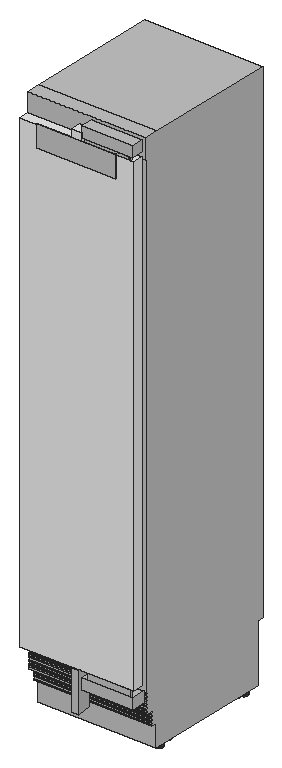
Revit family "FP-Revit18-RS1884FRJK1-Freezer-0-CA-US-90001048A", category Specialty Equipment, Revit 2020
Family settings
  Round Connector Dimension = Use Diameter
  Part Type = Normal
  OmniClass Number = 23.40.40.11.11
  OmniClass Title = Refrigerators and Freezers
  Work Plane-Based = No
  Always vertical = Yes
  Cut with Voids When Loaded = Yes
  Shared = No
  Room Calculation Point = No
Parameters (values of type "RS1884FRJE1")
  Visibility - Water Connection = yes
  Visibility - Visibility Control Note = yes
  Visibility - Clearance Required = yes
  URL = "www.fisherpaykel.com"
  Stainless Steel Door Panels (RD1884R4D) = no
  Product - Width = 451 mm  # constant formula
  Product - Height = 2134 mm  # constant formula
  Product - Depth (exl front panel) = 610 mm  # constant formula
  Model = "RS1884FRJE1"
  Material - Handle = Fisher & Paykel - Aluminium
  Material - Door Structure = Fisher & Paykel - White
  Material - Door Front = Fisher & Paykel - Stainless Steel
  Material - Body = Fisher & Paykel - Grey
  Manufacturer = "Fisher & Paykel Appliances"
  Handle Style - Professional Square (AHV2-RD84) = no
  Handle Style - Professional Round (AHC-RD84) = no
  Handle Style - Contemporary Square (AHD3-RD84) = no
  Handle Style - Contemporary Round (AHS-RD84) = no
  Description = "18\" Integrated Column Freezer with internal ice maker, white interior"
  Default Elevation = 0 mm
  Connector Description - Water = "1/4\" (6mm) comp. stainless steel braided hose"
  Connector Description - Electrical = "120 V, 10 amp fused electrical supply"
  Cavity - Width = 457 mm  # constant formula
  Cavity - Height = 2134 mm  # constant formula
  Cavity - Depth = 635 mm  # constant formula
Types (3, lengths in mm): name | Model | Description
  (no name) | "RS1884FRJE1" | "18\" Integrated Column Freezer with internal ice maker, white interior"
  RS1884FRJE1 | "RS1884FRJE1" | "18\" Integrated Column Freezer with internal ice maker, white interior"
  RS1884FRJK1 | "RS1884FRJK1" | "18\" Integrated Column Freezer with internal ice maker, stainless steel interior"
Reference planes
  plane 1 "Datum": y = 0
  plane 2: z = 0
  plane 3 "Center (Left/Right)": x = 0
  plane 4 "Product LHS": x = -225.5
  plane 5 "Product RHS": x = 225.5
  plane 6 "Product - Depth": y = 610
  plane 7 "Cavity LHS": x = -228.5
  plane 8 "Cavity RHS": x = 228.5
  plane 9 "Cavity - Depth": y = 612.9
  plane 10 "Handle Offset": x = -162.5
  plane 11 "Product Height": z = 2134
  plane 12 "Cavity Height": z = 2134
  plane 13 "Door Panel Datum": y = -4.1
Forms (mm)
  Extrusion 1, solid, material "Fisher & Paykel - Grey" <- "Material - Body", detail levels fine
    sketch origin (0, 0, 0) x (0, 1, 0) y (0, 0, 1)
      loop
        line (100.1, 19.1) -> (587.9, 19.1) -> (587.9, 239.7) -> (610, 239.7) -> (610, 2131.9) -> (105.1, 2131.9) -> (105.1, 2134) -> (49.9, 2134) -> (49.9, 2059) -> (56, 2059) -> (56, 228.6) -> (59.5, 228.6) -> (59.5, 219.7) -> (56.5, 219.7) -> (56.5, 215.9) -> (59.5, 215.9) -> (59.5, 207) -> (56.5, 207) -> (56.5, 203.2) -> (59.5, 203.2) -> (59.5, 194.3) -> (56.5, 194.3) -> (56.5, 190.5) -> (59.5, 190.5) -> (59.5, 181.6) -> (56.5, 181.6) -> (56.5, 177.8) -> (59.5, 177.8) -> (59.5, 168.9) -> (56.5, 168.9) -> (56.5, 165.1) -> (59.5, 165.1) -> (59.5, 156.2) -> (56.5, 156.2) -> (56.5, 152.4) -> (84.1, 152.4) -> (84.1, 143.5) -> (81.1, 143.5) -> (81.1, 139.7) -> (84.1, 139.7) -> (84.1, 130.8) -> (81.1, 130.8) -> (81.1, 127) -> (84.1, 127) -> (84.1, 118.1) -> (81.1, 118.1) -> (81.1, 114.3) -> (84.1, 114.3) -> (84.1, 105.4) -> (81.1, 105.4) -> (81.1, 101.6) -> (100.1, 101.6) -> (100.1, 19.1)
    from -225.5 to 225.5
  Extrusion 2, solid, material "Fisher & Paykel - Black"
    sketch origin (0, 0, 0) x (1, 0, 0) y (0, 1, 0)
      loop
        circle (-205, 547.8) r 4.1
      loop
        circle (-205, 141.8) r 4.1
      loop
        circle (205, 547.8) r 4.1
      loop
        circle (205, 141.8) r 4.1
    from 3 to 19.5
  Extrusion 3, solid, material "Fisher & Paykel - Black"
    sketch origin (0, 0, 0) x (1, 0, 0) y (0, 1, 0)
      loop
        circle (-205, 547.8) r 14.5
      loop
        circle (-205, 141.8) r 14.555
      loop
        circle (205, 547.8) r 14.5
      loop
        circle (205, 141.8) r 14.555
    from 0 to 3
  Extrusion 4, solid, material "Fisher & Paykel - Grey" <- "Material - Body", detail levels fine
    sketch origin (0, 0, 0) x (1, 0, 0) y (0, 1, 0)
      loop
        line (-7.5, 49) -> (-13.797, -4.1) -> (13.797, -4.1) -> (7.5, 49) -> (-7.5, 49)
    from 104.2 to 254.2
  Extrusion 5, solid, material "Fisher & Paykel - Grey" <- "Material - Body", detail levels fine
    sketch origin (0, 0, 0) x (1, 0, 0) y (0, 0, 1)
      loop
        line (213.9, 2123.15) -> (18.92, 2123.15) -> (18.92, 2081.05) -> (213.9, 2081.05) -> (213.9, 2123.15)
    from -49 to -2.5
  Extrusion 6, solid, material "Fisher & Paykel - Grey" <- "Material - Body", detail levels fine
    sketch origin (0, 0, 0) x (1, 0, 0) y (0, 0, 1)
      loop
        line (41.9, 254.2) -> (41.9, 229.75) -> (206.9, 229.75) -> (206.9, 254.2) -> (41.9, 254.2)
      loop
        line (29.5, 2081.05) -> (29.5, 2068.6) -> (206.9, 2068.6) -> (206.9, 2076.05) -> (166.9, 2081.05) -> (29.5, 2081.05)
    from -7 to -4
  Extrusion 7, solid, material "Fisher & Paykel - Grey" <- "Material - Body", detail levels fine
    sketch origin (0, 0, 0) x (0, 1, 0) y (0, 0, 1)
      loop
        line (0, 2070.6) -> (0, 1988.6) -> (2, 1988.6) -> (2, 2068.6) -> (4, 2068.6) -> (4, 2070.6) -> (0, 2070.6)
    from -150 to 150
  Extrusion 8, solid, material "Fisher & Paykel - Black"
    sketch origin (0, 0, 0) x (1, 0, 0) y (0, 0, 1)
      loop
        circle (150.5, 119.813) r 5
      loop
        circle (-150.5, 119.813) r 5
    from -590 to -587.9
  Extrusion 9, solid, material "Fisher & Paykel - White" <- "Material - Door Structure"
    sketch origin (0, 0, 0) x (1, 0, 0) y (0, 1, 0)
      loop
        line (-200.5, 56) -> (-200.5, 42) -> (200.5, 42) -> (200.5, 56) -> (-200.5, 56)
    from 269.6 to 2030.7
  Extrusion 10, solid, material "Fisher & Paykel - White" <- "Material - Door Structure"
    sketch origin (0, 0, 0) x (1, 0, 0) y (0, 1, 0)
      loop
        line (-216.9, 42) -> (-216.9, 3) -> (216.9, 3) -> (216.9, 42) -> (-216.9, 42)
    from 254.2 to 2068.6
  Extrusion 11, solid, material "Fisher & Paykel - White" <- "Material - Door Structure", detail levels fine
    sketch origin (0, 0, 0) x (1, 0, 0) y (0, 0, 1)
      loop
        line (-18.92, 2100.1) -> (-18.92, 2068.6) -> (18.92, 2068.6) -> (18.92, 2100.1) -> (-18.92, 2100.1)
    from -42 to -3
  Extrusion 12, solid, material "Fisher & Paykel - Stainless Steel" <- "Material - Door Front", visible <- "Stainless Steel Door Panels (RD1884R4D)"
    sketch origin (0, 0, 0) x (0, 1, 0) y (0, 0, 1)
      loop
        line (-22.1, 2130.8) -> (-22.1, 102) -> (-4.1, 102) -> (-4.1, 2130.8) -> (-22.1, 2130.8)
    from -225.5 to 225.5
  Extrusion 13, solid, material "Fisher & Paykel - Grey" <- "Material - Body", detail levels coarse+medium
    sketch origin (0, 0, 0) x (0, 1, 0) y (0, 0, 1)
      loop
        line (49.9, 2134) -> (49.9, 2059) -> (56, 2059) -> (56, 152.4) -> (81.1, 152.4) -> (81.1, 101.6) -> (100.1, 101.6) -> (100.1, 19.1) -> (587.9, 19.1) -> (587.9, 239.7) -> (610, 239.7) -> (610, 2134) -> (49.9, 2134)
    from -225.5 to 225.5
  Extrusion 14, solid, material "Fisher & Paykel - Grey" <- "Material - Body", detail levels fine
    sketch origin (0, 0, 0) x (1, 0, 0) y (0, 0, 1)
      loop
        line (213.9, 187.65) -> (213.9, 229.75) -> (18.92, 229.75) -> (18.92, 187.65) -> (213.9, 187.65)
    from -56 to -2.5
  Extrusion 15, solid, material "Fisher & Paykel - Black", detail levels fine
    sketch origin (0, 0, -4) x (0, 1, 0) y (0, 0, 1)
      loop
        arc (163.888, 23.1) -> (180.4, 13.63) -> (196.912, 23.1) r 19.13
        line (196.912, 23.1) -> (163.888, 23.1)
      loop
        arc (493.888, 23.1) -> (510.4, 13.63) -> (526.912, 23.1) r 19.13
        line (526.912, 23.1) -> (493.888, 23.1)
    from 191 to 219
  Extrusion 16, solid, material "Fisher & Paykel - Black", detail levels fine
    sketch origin (0, 0, -4) x (0, 1, 0) y (0, 0, -1)
      loop
        line (163.888, -23.1) -> (196.912, -23.1)
        arc (196.912, -23.1) -> (180.4, -13.63) -> (163.888, -23.1) r 19.13
      loop
        line (493.888, -23.1) -> (526.912, -23.1)
        arc (526.912, -23.1) -> (510.4, -13.63) -> (493.888, -23.1) r 19.13
    from 191 to 219
  Extrusion 17, solid, material "Fisher & Paykel - Clearance Required", visible <- "Visibility - Clearance Required", detail levels coarse
    sketch origin (0, 0, 0) x (1, 0, 0) y (0, 1, 0)
      loop
        line (-228.5, 612.9) -> (-228.5, -4.1) -> (228.5, -4.1) -> (228.5, 612.9) -> (-228.5, 612.9)
    from 0 to 2134
  Extrusion 18, void
    sketch origin (0, 0, 0) x (1, 0, 0) y (0, 1, 0)
      loop
        line (-228.5, 612.9) -> (-228.5, -22.1) -> (228.5, -22.1) -> (228.5, 612.9) -> (-228.5, 612.9)
    from 0 to 2134
  Extrusion 19, solid, material "Fisher & Paykel - Clearance Required", visible <- "Visibility - Clearance Required", detail levels coarse
    sketch origin (0, 0, 0) x (1, 0, 0) y (0, 1, 0)
      loop
        line (225.5, -22.1) -> (-225.5, -22.1)
        arc (-225.5, -22.1) -> (-5.304, -426.707) -> (453.319, -469.813) r 490
        line (453.319, -469.813) -> (431.257, -422.501) -> (458.764, -409.674)
        arc (458.764, -409.674) -> (467.405, -384.437) -> (441.854, -376.772) r 18.51
        line (441.854, -376.772) -> (415.635, -388.999) -> (262.718, -61.068)
        arc (262.718, -61.068) -> (228.203, -56.776) -> (225.5, -22.1) r 27.5
    from 0 to 2134
Lines and regions (mm)
  model lines, style "Fisher & Paykel"
    curve 1: line (-225.5, -4.1, 2130.8) -> (225.5, -4.1, 2130.8)
    curve 2: line (-225.5, -4.1, 102) -> (-225.5, -4.1, 2130.8)
    curve 3: line (225.5, -4.1, 102) -> (-225.5, -4.1, 102)
    curve 4: line (225.5, -4.1, 2130.8) -> (225.5, -4.1, 102)
Text (mm)
  text "Due to ongoing product development, product details are subject to change without notice. \nPlease always refer to www.fisherpaykel.com for the most current product information. \n© Fisher & Paykel 2020" at (41.04, -588.295, 0), in view "Ref. Level (Plan)"
Dimensions and locks
  equal spacing: plane 4 "Product LHS", plane 3 "Center (Left/Right)", plane 5 "Product RHS"
  "Product - Width": plane 4 "Product LHS" to plane 5 "Product RHS"
  "Product - Depth (exl front panel)": plane 1 "Datum" to plane 6 "Product - Depth"
  equal spacing: plane 7 "Cavity LHS", plane 3 "Center (Left/Right)", plane 8 "Cavity RHS"
  "Cavity - Width": plane 7 "Cavity LHS" to plane 8 "Cavity RHS"
  plane 4 "Product LHS" to Extrusion 2 sketch curve = 24.6 mm
  Extrusion 8 sketch curve to Extrusion 1 = 119.887 mm  (x2)
  Extrusion 8 sketch curve to plane 5 "Product RHS" = 75 mm
  plane 4 "Product LHS" to Extrusion 8 sketch curve = 75 mm
  Extrusion 1 sketch curve to Extrusion 1 sketch curve = 82.5 mm
  Extrusion 1 sketch curve to Extrusion 1 sketch curve = 209.5 mm
  Extrusion 1 sketch curve to Extrusion 1 sketch curve = 220.6 mm
  Extrusion 3 to level = 3 mm
  Extrusion 13 to Extrusion 10 = 235.1 mm
  Extrusion 13 to Extrusion 9 = 250.5 mm
  Extrusion 13 to Extrusion 13 = 2114.9 mm
  "Product - Height": level to plane 11 "Product Height"
  plane 11 "Product Height" to Extrusion 12 = 3.2 mm
  Extrusion 10 to plane 11 "Product Height" = 65.4 mm
  Extrusion 9 to plane 11 "Product Height" = 103.3 mm
  Extrusion 13 sketch curve to plane 11 "Product Height" = 75 mm
  Extrusion 1 sketch curve to plane 11 "Product Height" = 2.1 mm
  Extrusion 1 sketch curve to plane 11 "Product Height" = 75 mm
  "Cavity - Height": plane 12 "Cavity Height" to level
  plane 1 "Datum" to Extrusion 17 = 612.9 mm
  plane 1 "Datum" to Extrusion 18 = 612.9 mm
  plane 4 "Product LHS" to plane 10 "Handle Offset" = 63 mm
  Extrusion 12 to Extrusion 6 sketch curve = 58.6 mm
  Extrusion 6 sketch curve to Extrusion 12 = 18.6 mm
  Extrusion 12 to Extrusion 6 sketch curve = 196 mm
  Extrusion 19 to plane 1 "Datum" = 22.1 mm
  "Cavity - Depth": plane 9 "Cavity - Depth" to Extrusion 19
  radius of Extrusion 8 sketch curve = 5 mm
  aligned and locked: level to plane 2
  aligned and locked: Extrusion 12 to plane 5 "Product RHS"
  aligned and locked: plane 4 "Product LHS" to Extrusion 12
  aligned and locked: Extrusion 13 to plane 5 "Product RHS"
  aligned and locked: Extrusion 13 to plane 4 "Product LHS"
  aligned and locked: Extrusion 13 sketch curve to plane 11 "Product Height"
  aligned and locked: plane 11 "Product Height" to Extrusion 1 sketch curve
  aligned and locked: Extrusion 15 sketch curve to Extrusion 15 sketch curve
  aligned and locked: Extrusion 16 sketch curve to Extrusion 16 sketch curve
  aligned and locked: Extrusion 1 to plane 5 "Product RHS"
  aligned and locked: plane 4 "Product LHS" to Extrusion 1
  aligned and locked: Extrusion 13 sketch curve to Extrusion 1  (x4)
  aligned and locked: nested 5 to plane 10 "Handle Offset"
  aligned and locked: nested 4 to plane 10 "Handle Offset"
  aligned and locked: nested 3 to plane 10 "Handle Offset"
  aligned and locked: nested 2 to plane 10 "Handle Offset"
Automatic sketch dimensions
  Extrusion 1 sketch curve to plane 6 "Product - Depth" = 0 mm
  Extrusion 1 sketch curve to Extrusion 1 sketch curve = 22.1 mm
  Extrusion 1 sketch curve to plane 1 "Datum" = 105.1 mm
  level to Extrusion 1 sketch curve = 19.1 mm
  Extrusion 1 sketch curve to plane 1 "Datum" = 100.1 mm
  Extrusion 1 sketch curve to Extrusion 1 sketch curve = 16 mm
  Extrusion 1 sketch curve to Extrusion 1 sketch curve = 0 mm  (x8)
  Extrusion 1 sketch curve to Extrusion 1 sketch curve = 3 mm  (x10)
  Extrusion 1 sketch curve to plane 1 "Datum" = 59.5 mm
  Extrusion 1 sketch curve to plane 1 "Datum" = 56 mm
  Extrusion 1 sketch curve to plane 1 "Datum" = 49.9 mm
  Extrusion 1 sketch curve to Extrusion 1 sketch curve = 3.8 mm  (x10)
  Extrusion 1 sketch curve to Extrusion 1 sketch curve = 8.9 mm  (x9)
  Extrusion 2 sketch curve to plane 4 "Product LHS" = 20.5 mm  (x2)
  plane 5 "Product RHS" to Extrusion 2 sketch curve = 20.5 mm  (x2)
  Extrusion 2 sketch curve to plane 1 "Datum" = 141.8 mm  (x2)
  Extrusion 2 sketch curve to plane 6 "Product - Depth" = 62.2 mm  (x2)
  Extrusion 3 sketch curve to plane 4 "Product LHS" = 20.5 mm  (x2)
  plane 5 "Product RHS" to Extrusion 3 sketch curve = 20.5 mm  (x2)
  Extrusion 3 sketch curve to plane 1 "Datum" = 141.8 mm  (x2)
  Extrusion 3 sketch curve to plane 6 "Product - Depth" = 62.2 mm  (x2)
  plane 1 "Datum" to Extrusion 4 sketch curve = 4.1 mm
  Extrusion 4 sketch curve to plane 3 "Center (Left/Right)" = 13.797 mm
  Extrusion 4 sketch curve to plane 3 "Center (Left/Right)" = 7.5 mm
  plane 3 "Center (Left/Right)" to Extrusion 4 sketch curve = 7.5 mm
  plane 3 "Center (Left/Right)" to Extrusion 4 sketch curve = 13.797 mm
  Extrusion 4 sketch curve to plane 1 "Datum" = 49 mm
  plane 3 "Center (Left/Right)" to Extrusion 5 sketch curve = 18.92 mm
  plane 5 "Product RHS" to Extrusion 5 sketch curve = 11.6 mm
  plane 11 "Product Height" to Extrusion 5 sketch curve = 52.95 mm
  plane 11 "Product Height" to Extrusion 5 sketch curve = 10.85 mm
  plane 3 "Center (Left/Right)" to Extrusion 6 sketch curve = 41.9 mm
  plane 5 "Product RHS" to Extrusion 6 sketch curve = 18.6 mm
  level to Extrusion 6 sketch curve = 229.75 mm
  Extrusion 6 sketch curve to Extrusion 6 sketch curve = 24.45 mm
  plane 11 "Product Height" to Extrusion 6 sketch curve = 65.4 mm
  Extrusion 6 sketch curve to Extrusion 6 sketch curve = 7.45 mm
  Extrusion 6 sketch curve to Extrusion 6 sketch curve = 5 mm
  Extrusion 7 sketch curve to plane 1 "Datum" = 0 mm
  Extrusion 7 sketch curve to plane 1 "Datum" = 2 mm
  Extrusion 7 sketch curve to Extrusion 7 sketch curve = 2 mm  (x2)
  plane 11 "Product Height" to Extrusion 7 sketch curve = 145.4 mm
  plane 11 "Product Height" to Extrusion 7 sketch curve = 65.4 mm
  Extrusion 9 sketch curve to plane 4 "Product LHS" = 25 mm
  plane 5 "Product RHS" to Extrusion 9 sketch curve = 25 mm
  Extrusion 9 sketch curve to plane 1 "Datum" = 42 mm
  Extrusion 9 sketch curve to Extrusion 9 sketch curve = 14 mm
  Extrusion 10 sketch curve to plane 1 "Datum" = 3 mm
  Extrusion 10 sketch curve to plane 4 "Product LHS" = 8.6 mm
  plane 5 "Product RHS" to Extrusion 10 sketch curve = 8.6 mm
  Extrusion 10 sketch curve to Extrusion 10 sketch curve = 39 mm
  Extrusion 11 sketch curve to plane 3 "Center (Left/Right)" = 18.92 mm
  plane 3 "Center (Left/Right)" to Extrusion 11 sketch curve = 18.92 mm
  plane 11 "Product Height" to Extrusion 11 sketch curve = 65.4 mm
  Extrusion 11 sketch curve to Extrusion 11 sketch curve = 31.5 mm
  plane 1 "Datum" to Extrusion 12 sketch curve = 22.1 mm
  plane 1 "Datum" to Extrusion 12 sketch curve = 4.1 mm
  level to Extrusion 12 sketch curve = 102 mm
  plane 11 "Product Height" to Extrusion 12 sketch curve = 3.2 mm
  Extrusion 13 sketch curve to plane 6 "Product - Depth" = 0 mm
  Extrusion 13 sketch curve to plane 6 "Product - Depth" = 22.1 mm
  Extrusion 13 sketch curve to plane 1 "Datum" = 100.1 mm
  Extrusion 13 sketch curve to Extrusion 13 sketch curve = 19 mm
  Extrusion 13 sketch curve to plane 1 "Datum" = 56 mm
  Extrusion 13 sketch curve to plane 1 "Datum" = 49.9 mm
  plane 3 "Center (Left/Right)" to Extrusion 14 sketch curve = 18.92 mm
  plane 5 "Product RHS" to Extrusion 14 sketch curve = 11.6 mm
  level to Extrusion 14 sketch curve = 187.65 mm
  Extrusion 14 sketch curve to Extrusion 14 sketch curve = 42.1 mm
  level to Extrusion 15 sketch curve = 19.1 mm
  Extrusion 15 sketch curve to plane 1 "Datum" = 163.888 mm
  Extrusion 15 sketch curve to Extrusion 15 sketch curve = 16.512 mm  (x2)
  Extrusion 15 sketch curve to plane 6 "Product - Depth" = 116.112 mm
  Extrusion 15 sketch curve to Extrusion 15 sketch curve = 9.66 mm  (x2)
  level to Extrusion 16 sketch curve = 19.1 mm
  Extrusion 16 sketch curve to plane 1 "Datum" = 163.888 mm
  Extrusion 16 sketch curve to Extrusion 16 sketch curve = 16.512 mm  (x2)
  Extrusion 16 sketch curve to plane 6 "Product - Depth" = 116.112 mm
  Extrusion 16 sketch curve to Extrusion 16 sketch curve = 9.66 mm  (x2)
  Extrusion 17 sketch curve to plane 7 "Cavity LHS" = 0 mm
  Extrusion 17 sketch curve to plane 8 "Cavity RHS" = 0 mm
  Extrusion 17 sketch curve to plane 9 "Cavity - Depth" = 0 mm
  plane 1 "Datum" to Extrusion 17 sketch curve = 4.1 mm
  Extrusion 18 sketch curve to plane 7 "Cavity LHS" = 0 mm
  Extrusion 18 sketch curve to plane 8 "Cavity RHS" = 0 mm
  plane 9 "Cavity - Depth" to Extrusion 18 sketch curve = 0 mm
  plane 1 "Datum" to Extrusion 18 sketch curve = 22.1 mm
  Extrusion 19 sketch curve to plane 4 "Product LHS" = 0 mm
  plane 5 "Product RHS" to Extrusion 19 sketch curve = 0 mm
  Extrusion 19 sketch curve to plane 8 "Cavity RHS" = 19.59 mm
  Extrusion 19 sketch curve to Extrusion 19 sketch curve = 14.629 mm
  plane 1 "Datum" to Extrusion 19 sketch curve = 17.663 mm
  Extrusion 19 sketch curve to Extrusion 19 sketch curve = 16.39 mm
  Extrusion 19 sketch curve to plane 8 "Cavity RHS" = 187.135 mm
  Extrusion 19 sketch curve to Extrusion 19 sketch curve = 15.622 mm
  Extrusion 19 sketch curve to Extrusion 19 sketch curve = 26.219 mm
  Extrusion 19 sketch curve to Extrusion 19 sketch curve = 9.088 mm
  Extrusion 19 sketch curve to Extrusion 19 sketch curve = 22.062 mm
  Extrusion 19 sketch curve to Extrusion 19 sketch curve = 7.823 mm
  plane 1 "Datum" to Extrusion 19 sketch curve = 22.1 mm
  Extrusion 19 sketch curve to Extrusion 19 sketch curve = 20.12 mm
  Extrusion 19 sketch curve to Extrusion 19 sketch curve = 93.041 mm
  Extrusion 19 sketch curve to Extrusion 19 sketch curve = 16.126 mm
  plane 5 "Product RHS" to curve 1 = 0 mm
  plane 4 "Product LHS" to curve 3 = 0 mm
  level to curve 3 = 102 mm
  plane 11 "Product Height" to curve 2 = 3.2 mm
  radius of Extrusion 2 sketch curve = 4.1 mm  (x3)
  radius of Extrusion 3 sketch curve = 14.5 mm  (x2)
  radius of Extrusion 3 sketch curve = 14.555 mm  (x2)
  radius of Extrusion 8 sketch curve = 5 mm
Nested families
  nested 1: "Visibility Control Note 18" at (0, 0, 0), visible <- "Visibility - Visibility Control Note", type "Visibility Control Note 18"
  nested 2: "Handle Contemporary Round - Vertical" at (-162.5, -22.1, 1242.58), visible <- "Handle Style - Contemporary Round (AHS-RD84)", type "AHS-RD84 - Contemporary round handle (Vertical) 852mm"
  nested 3: "Handle Professional Round - Vertical" at (-162.5, -22.1, 1242.58), visible <- "Handle Style - Professional Round (AHC-RD84)", type "AHC-RD84 - Professional round handle (Vertical) 786mm"
  nested 4: "Handle Professional Square - Vertical" at (-162.5, -22.1, 1242.58), visible <- "Handle Style - Professional Square (AHV2-RD84)", type "AHV2-RD84 - Professional square handle (Vertical) 792mm"
  nested 5: "Handle Contemporary Square - Vertical" at (-162.5, -22.1, 1242.58), visible <- "Handle Style - Contemporary Square (AHD3-RD84)", type "AHD3-RD84 - Contemporary square handle (Vertical) 852mm"
Connectors
  electrical at (-150.5, 590, 119.813), driven by "Connector Description - Electrical"
    settings: on Extrusion 8, index 1, voltage 120 V, apparent load 0 VA, apparent load phase1 0 VA, apparent load phase2 0 VA, apparent load phase3 0 VA, power factor 1, load classification "Other", number of poles 1, system type 30, power factor state 1, is connector primary yes, connector utility no, sub classification motor no, connector description "120 V, 10 amp fused electrical supply"
  piping at (150.5, 590, 119.813), diameter 12.7, driven by "Connector Description - Water", driven by "Visibility - Water Connection"
    settings: on Extrusion 8, index 2, connector inside diameter 609.6 mm, connector length 0 mm, flow factor 0, pipe flow 0.0 L/s, pressure drop 0.0 Pa, fitting loss kfactor 0, connector angle 0.00°, fixture units 0, engagement length 0 mm, angle of deflection 0.00°, flow configuration 0, flow direction 1, fitting loss method 0, system type 20, joint type 0, gender type 0, connector reference index -1, connector utility 1, adjustable connector no, is connector primary yes, connector description "1/4\" (6mm) comp. stainless steel braided hose"
Definition of nested family "Handle Contemporary Round - Vertical"
  Parameters (values of type "AHSRS80A - Contemporary round handle (1 of 2) (Vertical) 727mm")
    URL = "www.fisherpaykel.com"
    Material - Handle = none
    Manufacturer = "Fisher & Paykel Appliances"
    Handle - Length = 727 mm
    Default Elevation = 0 mm
  Types (6, lengths in mm): name | Handle - Length
    AHS-RD21 - Contemporary round handle (Vertical) 852mm | 852
    AHSRD2484W - Contemporary round handle (1 of 2) (Vertical) 727mm | 727
    AHSRD3084W - Contemporary round handle (1 of 2) (Vertical) 727mm | 727
    AHS-RD84 - Contemporary round handle (Vertical) 852mm | 852
    AHSRS3272A - Contemporary round handle (1 of 2) (Vertical) 727mm | 727
    AHSRS80A - Contemporary round handle (1 of 2) (Vertical) 727mm | 727
  Reference planes
    plane 1 "Center (Front/Back)": y = 0
    plane 2: z = 0
    plane 3 "Center (Left/Right)": x = 0
    plane 4 "Top": z = 363.5
    plane 5 "Bottom": z = -363.5
    plane 6 "Top Standoff": z = 243.5
    plane 7 "Bottom Standoff": z = -243.5
  Forms (mm)
    Extrusion 1, solid, material <- "Material - Handle"
      sketch origin (0, 0, 0) x (1, 0, 0) y (0, 1, 0)
        loop
          circle (0, -32.3) r 8.7
      from -243.5 to 243.5
    Extrusion 2, solid, material <- "Material - Handle", detail levels fine
      sketch origin (0, 0, 0) x (1, 0, 0) y (0, 1, 0)
        loop
          line (-8.7, 0) -> (-8.7, -32.3)
          arc (-8.7, -32.3) -> (0, -41) -> (8.7, -32.3) r 8.7
          line (8.7, -32.3) -> (8.7, 0) -> (-8.7, 0)
      from 243.5 to 363.5
    Extrusion 3, solid, material <- "Material - Handle", detail levels fine
      sketch origin (0, 0, 0) x (1, 0, 0) y (0, 1, 0)
        loop
          line (-8.7, 0) -> (-8.7, -32.3)
          arc (-8.7, -32.3) -> (0, -41) -> (8.7, -32.3) r 8.7
          line (8.7, -32.3) -> (8.7, 0) -> (-8.7, 0)
      from -363.5 to -243.5
    Sweep 4, void
      path in 3D
        loop
          line (8.7, 0, -363.5) -> (8.7, -32.3, -363.5)
          arc (8.7, -32.3, -363.5) -> (0, -41, -363.5) -> (-8.7, -32.3, -363.5) r 8.7
          line (-8.7, -32.3, -363.5) -> (-8.7, 0, -363.5)
      profile origin (8.7, -16.15, -363.5) x (-1, 0, 0) y (0, 0, -1)
        loop
          line (0, 0) -> (0, -1) -> (1, 0) -> (0, 0)
    Sweep 5, void
      path in 3D
        loop
          line (-8.7, 0, 363.5) -> (-8.7, -32.3, 363.5)
          arc (-8.7, -32.3, 363.5) -> (0, -41, 363.5) -> (8.7, -32.3, 363.5) r 8.7
          line (8.7, -32.3, 363.5) -> (8.7, 0, 363.5)
      profile origin (8.7, -16.15, 363.5) x (-1, 0, 0) y (0, 0, 1)
        loop
          line (0, 0) -> (0, -1) -> (1, 0) -> (0, 0)
    Extrusion 6, solid, material <- "Material - Handle", detail levels coarse+medium
      sketch origin (0, 0, 0) x (1, 0, 0) y (0, 1, 0)
        loop
          line (-8.7, 0) -> (-8.7, -32.3)
          arc (-8.7, -32.3) -> (0, -41) -> (8.7, -32.3) r 8.7
          line (8.7, -32.3) -> (8.7, 0) -> (-8.7, 0)
      from 243.5 to 363.5
    Extrusion 7, solid, material <- "Material - Handle", detail levels coarse+medium
      sketch origin (0, 0, 0) x (1, 0, 0) y (0, 1, 0)
        loop
          line (-8.7, 0) -> (-8.7, -32.3)
          arc (-8.7, -32.3) -> (0, -41) -> (8.7, -32.3) r 8.7
          line (8.7, -32.3) -> (8.7, 0) -> (-8.7, 0)
      from -363.5 to -243.5
  Cuts and joins
    Sweep 4 cuts Extrusion 3
    Sweep 5 cuts Extrusion 2
  Lines and regions (mm)
    sketch lines
      curve 1: line (8.7, 0, -363.5) -> (8.7, -32.3, -363.5)
      curve 2: arc (-8.7, -32.3, -363.5) -> (0, -41, -363.5) -> (8.7, -32.3, -363.5) r 8.7
      curve 3: line (-8.7, -32.3, -363.5) -> (-8.7, 0, -363.5)
      curve 4: line (8.7, -32.3, 363.5) -> (8.7, 0, 363.5)
      curve 5: arc (8.7, -32.3, 363.5) -> (0, -41, 363.5) -> (-8.7, -32.3, 363.5) r 8.7
      curve 6: line (-8.7, 0, 363.5) -> (-8.7, -32.3, 363.5)
  Dimensions and locks
    equal spacing: plane 4 "Top", level, plane 5 "Bottom"
    "Handle - Length": plane 4 "Top" to plane 5 "Bottom"
    locked: plane 4 "Top" to plane 6 "Top Standoff" at 120
    locked: plane 7 "Bottom Standoff" to plane 5 "Bottom" at 120
    Extrusion 2 sketch curve to Extrusion 2 sketch curve = 17.4 mm
    Extrusion 3 sketch curve to Extrusion 3 sketch curve = 17.4 mm
    Extrusion 6 sketch curve to Extrusion 6 sketch curve = 17.4 mm
    Extrusion 7 sketch curve to Extrusion 7 sketch curve = 17.4 mm
    aligned and locked: level to plane 2
    aligned and locked: plane 4 "Top" to Extrusion 2
    aligned and locked: Extrusion 3 to plane 5 "Bottom"
    aligned and locked: plane 7 "Bottom Standoff" to Extrusion 3
    aligned and locked: Extrusion 1 to plane 7 "Bottom Standoff"
    aligned and locked: plane 6 "Top Standoff" to Extrusion 1
    aligned and locked: Extrusion 2 to Extrusion 1
    aligned and locked: Extrusion 6 to Extrusion 1
    aligned and locked: plane 4 "Top" to Extrusion 6
    aligned and locked: Extrusion 7 to Extrusion 1
    aligned and locked: Extrusion 7 to plane 5 "Bottom"
  Automatic sketch dimensions
    Extrusion 1 sketch curve to plane 3 "Center (Left/Right)" = 0 mm
    plane 1 "Center (Front/Back)" to Extrusion 1 sketch curve = 32.3 mm
    plane 1 "Center (Front/Back)" to Extrusion 2 sketch curve = 0 mm
    Extrusion 2 sketch curve to plane 3 "Center (Left/Right)" = 0 mm
    Extrusion 2 sketch curve to plane 3 "Center (Left/Right)" = 8.7 mm
    plane 1 "Center (Front/Back)" to Extrusion 2 sketch curve = 32.3 mm
    plane 1 "Center (Front/Back)" to Extrusion 3 sketch curve = 0 mm
    Extrusion 3 sketch curve to plane 3 "Center (Left/Right)" = 0 mm
    Extrusion 3 sketch curve to plane 3 "Center (Left/Right)" = 8.7 mm
    plane 1 "Center (Front/Back)" to Extrusion 3 sketch curve = 32.3 mm
    Sweep 4 sketch curve to profile plane = 0 mm  (x2)
    Sweep 4 sketch curve to profile plane = 1 mm  (x2)
    Sweep 5 sketch curve to profile plane = 0 mm  (x2)
    Sweep 5 sketch curve to profile plane = 1 mm  (x2)
    Extrusion 6 sketch curve to plane 3 "Center (Left/Right)" = 0 mm
    Extrusion 6 sketch curve to plane 3 "Center (Left/Right)" = 8.7 mm
    plane 1 "Center (Front/Back)" to Extrusion 6 sketch curve = 32.3 mm
    Extrusion 6 sketch curve to Extrusion 6 sketch curve = 32.3 mm
    Extrusion 7 sketch curve to plane 3 "Center (Left/Right)" = 0 mm
    Extrusion 7 sketch curve to plane 3 "Center (Left/Right)" = 8.7 mm
    plane 1 "Center (Front/Back)" to Extrusion 7 sketch curve = 32.3 mm
    Extrusion 7 sketch curve to Extrusion 7 sketch curve = 32.3 mm
    radius of Extrusion 1 sketch curve = 8.7 mm
Definition of nested family "Handle Professional Round - Vertical"
  Parameters (values of type "AHCRD2484W - Professional round handle (1 of 2) (Vertical) 661mm")
    URL = "www.fisherpaykel.com"
    Material - Standoff = none
    Material - Handle = none
    Manufacturer = "Fisher & Paykel Appliances"
    Handle - Length = 661 mm
    Default Elevation = 0 mm
  Types (5, lengths in mm): name | Handle - Length
    (no name) | 661
    AHCRD2484W - Professional round handle (1 of 2) (Vertical) 661mm | 661
    AHCRD3084W - Professional round handle (1 of 2) (Vertical) 661mm | 661
    AHC-RD84 - Professional round handle (Vertical) 786mm | 786
    AHCRS3272A - Professional round handle (1 of 2) (Vertical) 661mm | 661
  Reference planes
    plane 1 "Center (Front/Back)": y = 0
    plane 2: z = 0
    plane 3 "Center (Left/Right)": x = 0
    plane 4 "Top": z = 330.5
    plane 5 "Bottom": z = -330.5
    plane 6 "Top Standoff": z = 286.5
    plane 7 "Bottom Standoff": z = -286.5
  Forms (mm)
    Extrusion 1, solid, material <- "Material - Standoff", detail levels fine
      sketch origin (0, 0, 0) x (1, 0, 0) y (0, 1, 0)
        loop
          line (-18.5, 0) -> (-18.5, -39.4)
          arc (-18.5, -39.4) -> (0, -57.9) -> (18.5, -39.4) r 18.5
          line (18.5, -39.4) -> (18.5, 0) -> (-18.5, 0)
      from 286.5 to 330.5
    Extrusion 2, solid, material <- "Material - Standoff", detail levels fine
      sketch origin (0, 0, 0) x (1, 0, 0) y (0, 1, 0)
        loop
          line (-18.5, 0) -> (-18.5, -39.4)
          arc (-18.5, -39.4) -> (0, -57.9) -> (18.5, -39.4) r 18.5
          line (18.5, -39.4) -> (18.5, 0) -> (-18.5, 0)
      from -330.5 to -286.5
    Extrusion 3, solid, material <- "Material - Handle"
      sketch origin (0, 0, 0) x (1, 0, 0) y (0, 1, 0)
        loop
          circle (0, -39.4) r 12.7
      from -286.5 to 286.5
    Sweep 4, void
      path in 3D
        loop
          line (-18.5, 0, 330.5) -> (-18.5, -39.4, 330.5)
          arc (-18.5, -39.4, 330.5) -> (0, -57.9, 330.5) -> (18.5, -39.4, 330.5) r 18.5
          line (18.5, -39.4, 330.5) -> (18.5, 0, 330.5)
      profile origin (18.5, -19.7, 330.5) x (-1, 0, 0) y (0, 0, 1)
        loop
          line (0, 0) -> (0, -3) -> (3, 0) -> (0, 0)
    Sweep 5, void
      path in 3D
        loop
          line (18.5, 0, -330.5) -> (18.5, -39.4, -330.5)
          arc (18.5, -39.4, -330.5) -> (0, -57.9, -330.5) -> (-18.5, -39.4, -330.5) r 18.5
          line (-18.5, -39.4, -330.5) -> (-18.5, 0, -330.5)
      profile origin (18.5, -19.7, -330.5) x (-1, 0, 0) y (0, 0, -1)
        loop
          line (0, 0) -> (0, -3) -> (3, 0) -> (0, 0)
    Extrusion 6, solid, material <- "Material - Standoff", detail levels coarse+medium
      sketch origin (0, 0, 0) x (1, 0, 0) y (0, 1, 0)
        loop
          line (-18.5, 0) -> (-18.5, -39.4)
          arc (-18.5, -39.4) -> (0, -57.9) -> (18.5, -39.4) r 18.5
          line (18.5, -39.4) -> (18.5, 0) -> (-18.5, 0)
      from 286.5 to 330.5
    Extrusion 7, solid, material <- "Material - Standoff", detail levels coarse+medium
      sketch origin (0, 0, 0) x (1, 0, 0) y (0, 1, 0)
        loop
          line (-18.5, 0) -> (-18.5, -39.4)
          arc (-18.5, -39.4) -> (0, -57.9) -> (18.5, -39.4) r 18.5
          line (18.5, -39.4) -> (18.5, 0) -> (-18.5, 0)
      from -330.5 to -286.5
  Cuts and joins
    Sweep 4 cuts Extrusion 1
    Sweep 5 cuts Extrusion 2
  Lines and regions (mm)
    sketch lines
      curve 1: line (18.5, -39.4, 330.5) -> (18.5, 0, 330.5)
      curve 2: arc (18.5, -39.4, 330.5) -> (0, -57.9, 330.5) -> (-18.5, -39.4, 330.5) r 18.5
      curve 3: line (-18.5, 0, 330.5) -> (-18.5, -39.4, 330.5)
      curve 4: line (18.5, 0, -330.5) -> (18.5, -39.4, -330.5)
      curve 5: arc (-18.5, -39.4, -330.5) -> (0, -57.9, -330.5) -> (18.5, -39.4, -330.5) r 18.5
      curve 6: line (-18.5, -39.4, -330.5) -> (-18.5, 0, -330.5)
  Dimensions and locks
    equal spacing: plane 4 "Top", level, plane 5 "Bottom"
    "Handle - Length": plane 4 "Top" to plane 5 "Bottom"
    plane 4 "Top" to plane 6 "Top Standoff" = 44 mm
    plane 7 "Bottom Standoff" to plane 5 "Bottom" = 44 mm
    aligned and locked: level to plane 2
    aligned and locked: plane 4 "Top" to Extrusion 1
    aligned and locked: Extrusion 1 to plane 6 "Top Standoff"
    aligned and locked: Extrusion 2 to plane 5 "Bottom"
    aligned and locked: plane 7 "Bottom Standoff" to Extrusion 2
    aligned and locked: plane 6 "Top Standoff" to Extrusion 3
    aligned and locked: Extrusion 3 to plane 7 "Bottom Standoff"
    aligned and locked: plane 4 "Top" to Extrusion 6
    aligned and locked: Extrusion 7 to plane 5 "Bottom"
    aligned and locked: plane 7 "Bottom Standoff" to Extrusion 7
    aligned and locked: Extrusion 6 to plane 6 "Top Standoff"
  Automatic sketch dimensions
    plane 1 "Center (Front/Back)" to Extrusion 1 sketch curve = 0 mm
    Extrusion 1 sketch curve to plane 3 "Center (Left/Right)" = 0 mm
    Extrusion 1 sketch curve to plane 3 "Center (Left/Right)" = 18.5 mm
    plane 1 "Center (Front/Back)" to Extrusion 1 sketch curve = 39.4 mm
    plane 1 "Center (Front/Back)" to Extrusion 2 sketch curve = 0 mm
    Extrusion 2 sketch curve to plane 3 "Center (Left/Right)" = 0 mm
    Extrusion 2 sketch curve to plane 3 "Center (Left/Right)" = 18.5 mm
    plane 1 "Center (Front/Back)" to Extrusion 2 sketch curve = 39.4 mm
    Extrusion 3 sketch curve to plane 3 "Center (Left/Right)" = 0 mm
    plane 1 "Center (Front/Back)" to Extrusion 3 sketch curve = 39.4 mm
    Sweep 4 sketch curve to profile plane = 0 mm  (x2)
    Sweep 4 sketch curve to profile plane = 3 mm  (x2)
    Sweep 5 sketch curve to profile plane = 0 mm  (x2)
    Sweep 5 sketch curve to profile plane = 3 mm  (x2)
    Extrusion 6 sketch curve to plane 3 "Center (Left/Right)" = 0 mm
    Extrusion 6 sketch curve to plane 3 "Center (Left/Right)" = 18.5 mm
    plane 1 "Center (Front/Back)" to Extrusion 6 sketch curve = 39.4 mm
    Extrusion 6 sketch curve to Extrusion 6 sketch curve = 39.4 mm
    Extrusion 7 sketch curve to plane 3 "Center (Left/Right)" = 0 mm
    Extrusion 7 sketch curve to plane 3 "Center (Left/Right)" = 18.5 mm
    plane 1 "Center (Front/Back)" to Extrusion 7 sketch curve = 39.4 mm
    Extrusion 7 sketch curve to Extrusion 7 sketch curve = 39.4 mm
    radius of Extrusion 3 sketch curve = 12.7 mm
Definition of nested family "Handle Professional Square - Vertical"
  Parameters (values of type "AHV2RS3272A - Professional square handle (1 of 2) (Vertical) 727mm")
    URL = "www.fisherpaykel.com"
    Material - Handle = none
    Manufacturer = "Fisher & Paykel Appliances"
    Handle - Length = 727 mm
    Default Elevation = 0 mm
  Types (5, lengths in mm): name | Handle - Length
    (no name) | 727
    AHV2RD2484W - Professional square handle (1 of 2) (Vertical) 727mm | 727
    AHV2RD3084W - Professional square handle (1 of 2) (Vertical) 727mm | 727
    AHV2-RD84 - Professional square handle (Vertical) 792mm | 792
    AHV2RS3272A - Professional square handle (1 of 2) (Vertical) 727mm | 727
  Reference planes
    plane 1 "Center (Front/Back)": y = 0
    plane 2: z = 0
    plane 3 "Center (Left/Right)": x = 0
    plane 4 "Top": z = 363.5
    plane 5 "Bottom": z = -363.5
    plane 6 "Top Standoff": z = 313.5
    plane 7 "Bottom Standoff": z = -313.5
  Forms (mm)
    Extrusion 1, solid, material <- "Material - Handle", detail levels fine
      sketch origin (0, 0, 0) x (0, 1, 0) y (0, 0, 1)
        loop
          line (0, 363.5) -> (-40, 363.5)
          arc (-40, 363.5) -> (-47.071, 360.571) -> (-50, 353.5) r 10
          line (-50, 353.5) -> (-50, 313.5) -> (0, 313.5) -> (0, 363.5)
        loop
          line (0, -363.5) -> (0, -313.5) -> (-50, -313.5) -> (-50, -353.5)
          arc (-50, -353.5) -> (-47.071, -360.571) -> (-40, -363.5) r 10
          line (-40, -363.5) -> (0, -363.5)
      from -17.5 to 17.5
    Sweep 2, void
      path in 3D
        loop
          line (17.5, 0, 363.5) -> (17.5, -40, 363.5)
          arc (17.5, -40, 363.5) -> (17.5, -47.071, 360.571) -> (17.5, -50, 353.5) r 10
          line (17.5, -50, 353.5) -> (17.5, -50, 313.5)
      profile origin (17.5, -20, 363.5) x (1, 0, 0) y (0, 0, 1)
        loop
          line (0, 0) -> (-2.5, 0) -> (0, -2.5) -> (0, 0)
    Sweep 3, void
      path in 3D
        loop
          line (-17.5, -50, 313.5) -> (-17.5, -50, 353.5)
          arc (-17.5, -50, 353.5) -> (-17.5, -47.071, 360.571) -> (-17.5, -40, 363.5) r 10
          line (-17.5, -40, 363.5) -> (-17.5, 0, 363.5)
      profile origin (-17.5, -20, 363.5) x (-1, 0, 0) y (0, 0, 1)
        loop
          line (0, 0) -> (-2.5, 0) -> (0, -2.5) -> (0, 0)
    Sweep 4, void
      path in 3D
        loop
          line (17.5, -50, -313.5) -> (17.5, -50, -353.5)
          arc (17.5, -50, -353.5) -> (17.5, -47.071, -360.571) -> (17.5, -40, -363.5) r 10
          line (17.5, -40, -363.5) -> (17.5, 0, -363.5)
      profile origin (17.5, -20, -363.5) x (1, 0, 0) y (0, 0, -1)
        loop
          line (0, 0) -> (-2.5, 0) -> (0, -2.5) -> (0, 0)
    Sweep 5, void
      path in 3D
        loop
          line (-17.5, 0, -363.5) -> (-17.5, -40, -363.5)
          arc (-17.5, -40, -363.5) -> (-17.5, -47.071, -360.571) -> (-17.5, -50, -353.5) r 10
          line (-17.5, -50, -353.5) -> (-17.5, -50, -313.5)
      profile origin (-17.5, -20, -363.5) x (-1, 0, 0) y (0, 0, -1)
        loop
          line (0, 0) -> (-2.5, 0) -> (0, -2.5) -> (0, 0)
    Extrusion 6, solid, material <- "Material - Handle", detail levels fine
      sketch origin (0, 0, 0) x (1, 0, 0) y (0, 1, 0)
        loop
          line (-15.5, -36.737) -> (-15.5, -46.422) -> (-14.172, -47.75) -> (14.172, -47.75) -> (15.5, -46.422) -> (15.5, -36.737)
          arc (15.5, -36.737) -> (0, -32.25) -> (-15.5, -36.737) r 29.013
      from -313.5 to 313.5
    Extrusion 7, solid, material <- "Material - Handle", detail levels coarse+medium
      sketch origin (0, 0, 0) x (0, 1, 0) y (0, 0, 1)
        loop
          line (0, 363.5) -> (-40, 363.5)
          arc (-40, 363.5) -> (-47.071, 360.571) -> (-50, 353.5) r 10
          line (-50, 353.5) -> (-50, -353.5)
          arc (-50, -353.5) -> (-47.071, -360.571) -> (-40, -363.5) r 10
          line (-40, -363.5) -> (0, -363.5) -> (0, -313.5) -> (-31.95, -313.5) -> (-31.95, 313.5) -> (0, 313.5) -> (0, 363.5)
      from -17.5 to 17.5
  Cuts and joins
    Sweep 2, Sweep 3, Sweep 4, Sweep 5 cuts Extrusion 1
  Lines and regions (mm)
    sketch lines
      curve 1: line (17.5, 0, 363.5) -> (17.5, -40, 363.5)
      curve 2: arc (17.5, -50, 353.5) -> (17.5, -47.071, 360.571) -> (17.5, -40, 363.5) r 10
      curve 3: line (17.5, -50, 353.5) -> (17.5, -50, 313.5)
      curve 4: line (-17.5, -40, 363.5) -> (-17.5, 0, 363.5)
      curve 5: arc (-17.5, -40, 363.5) -> (-17.5, -47.071, 360.571) -> (-17.5, -50, 353.5) r 10
      curve 6: line (-17.5, -50, 313.5) -> (-17.5, -50, 353.5)
      curve 7: line (17.5, -40, -363.5) -> (17.5, 0, -363.5)
      curve 8: arc (17.5, -40, -363.5) -> (17.5, -47.071, -360.571) -> (17.5, -50, -353.5) r 10
      curve 9: line (17.5, -50, -313.5) -> (17.5, -50, -353.5)
      curve 10: line (-17.5, 0, -363.5) -> (-17.5, -40, -363.5)
      curve 11: arc (-17.5, -50, -353.5) -> (-17.5, -47.071, -360.571) -> (-17.5, -40, -363.5) r 10
      curve 12: line (-17.5, -50, -353.5) -> (-17.5, -50, -313.5)
  Dimensions and locks
    equal spacing: plane 4 "Top", level, plane 5 "Bottom"
    "Handle - Length": plane 4 "Top" to plane 5 "Bottom"
    plane 7 "Bottom Standoff" to plane 5 "Bottom" = 50 mm
    plane 4 "Top" to plane 6 "Top Standoff" = 50 mm
    aligned and locked: level to plane 2
    aligned and locked: plane 4 "Top" to Extrusion 1 sketch curve
    aligned and locked: plane 5 "Bottom" to Extrusion 1 sketch curve
    aligned and locked: Extrusion 1 sketch curve to plane 1 "Center (Front/Back)"
    aligned and locked: plane 1 "Center (Front/Back)" to Extrusion 1 sketch curve
    aligned and locked: plane 6 "Top Standoff" to Extrusion 1 sketch curve
    aligned and locked: plane 7 "Bottom Standoff" to Extrusion 1 sketch curve
    aligned and locked: plane 6 "Top Standoff" to Extrusion 6
    aligned and locked: Extrusion 6 to plane 7 "Bottom Standoff"
    aligned and locked: plane 4 "Top" to Extrusion 7 sketch curve
    aligned and locked: plane 6 "Top Standoff" to Extrusion 7 sketch curve
    aligned and locked: plane 1 "Center (Front/Back)" to Extrusion 7 sketch curve
    aligned and locked: plane 7 "Bottom Standoff" to Extrusion 7 sketch curve
    aligned and locked: plane 5 "Bottom" to Extrusion 7 sketch curve
    aligned and locked: Extrusion 7 sketch curve to plane 1 "Center (Front/Back)"
  Automatic sketch dimensions
    Sweep 2 sketch curve to profile plane = 0 mm
    profile plane to Sweep 2 sketch curve = 0 mm
    profile plane to Sweep 2 sketch curve = 2.5 mm
    Sweep 2 sketch curve to profile plane = 2.5 mm
    Sweep 3 sketch curve to profile plane = 0 mm  (x2)
    profile plane to Sweep 3 sketch curve = 2.5 mm
    Sweep 3 sketch curve to profile plane = 2.5 mm
    Sweep 4 sketch curve to profile plane = 0 mm
    profile plane to Sweep 4 sketch curve = 0 mm
    profile plane to Sweep 4 sketch curve = 2.5 mm
    Sweep 4 sketch curve to profile plane = 2.5 mm
    Sweep 5 sketch curve to profile plane = 0 mm  (x2)
    profile plane to Sweep 5 sketch curve = 2.5 mm
    Sweep 5 sketch curve to profile plane = 2.5 mm
    plane 1 "Center (Front/Back)" to Extrusion 1 sketch curve = 40 mm  (x2)
    Extrusion 1 sketch curve to Extrusion 1 sketch curve = 10 mm  (x2)
    Extrusion 6 sketch curve to plane 3 "Center (Left/Right)" = 0 mm
    Extrusion 6 sketch curve to Extrusion 6 sketch curve = 1.328 mm  (x4)
    plane 1 "Center (Front/Back)" to Extrusion 6 sketch curve = 61.263 mm
    Extrusion 6 sketch curve to Extrusion 6 sketch curve = 13.513 mm
    Extrusion 6 sketch curve to Extrusion 6 sketch curve = 9.684 mm  (x2)
    Extrusion 6 sketch curve to plane 3 "Center (Left/Right)" = 14.172 mm
    plane 1 "Center (Front/Back)" to Extrusion 7 sketch curve = 31.95 mm
    plane 1 "Center (Front/Back)" to Extrusion 7 sketch curve = 40 mm  (x2)
    Extrusion 7 sketch curve to plane 4 "Top" = 10 mm
Definition of nested family "Handle Contemporary Square - Vertical"
  Parameters (values of type "AHD3RS80A - Contemporary square handle (1 of 2) (Vertical) 727mm")
    URL = "www.fisherpaykel.com"
    Material - Handle = none
    Manufacturer = "Fisher & Paykel Appliances"
    Handle - Length = 727 mm
    Default Elevation = 0 mm
  Types (7, lengths in mm): name | Handle - Length
    (no name) | 727
    AHD3-RD21 - Contemporary square handle (Vertical) 852mm | 852
    AHD3RD2484W - Contemporary square handle (1 of 2) (Vertical) 727mm | 727
    AHD3RD3084W - Contemporary square handle (1 of 2) (Vertical) 727mm | 727
    AHD3-RD84 - Contemporary square handle (Vertical) 852mm | 852
    AHD3RS3272A - Contemporary square handle (1 of 2) (Vertical) 727mm | 727
    AHD3RS80A - Contemporary square handle (1 of 2) (Vertical) 727mm | 727
  Reference planes
    plane 1 "Center (Front/Back)": y = 0
    plane 2: z = 0
    plane 3 "Center (Left/Right)": x = 0
    plane 4 "Top": z = 363.5
    plane 5 "Bottom": z = -363.5
    plane 6 "Top Standoff": z = 243.5
    plane 7 "Bottom Standoff": z = -243.5
  Forms (mm)
    Extrusion 1, solid, material <- "Material - Handle", detail levels fine
      sketch origin (0, 0, 0) x (1, 0, 0) y (0, 1, 0)
        loop
          arc (-7.583, -28.701) -> (-7.89, -29.057) -> (-8, -29.514) r 1
          line (-8, -29.514) -> (-8, -40.5)
          arc (-8, -40.5) -> (-7.561, -41.561) -> (-6.5, -42) r 1.5
          line (-6.5, -42) -> (6.5, -42)
          arc (6.5, -42) -> (7.561, -41.561) -> (8, -40.5) r 1.5
          line (8, -40.5) -> (8, -29.487)
          arc (8, -29.487) -> (7.889, -29.029) -> (7.58, -28.673) r 1
          arc (7.58, -28.673) -> (-0.006, -26.256) -> (-7.583, -28.701) r 13.038
      from -363.5 to 363.5
    Extrusion 2, solid, material <- "Material - Handle", detail levels fine
      sketch origin (0, 0, 0) x (1, 0, 0) y (0, 1, 0)
        loop
          arc (7.058, -28.23) -> (7.466, -28.244) -> (7.674, -27.893) r 0.4
          line (7.674, -27.893) -> (7.674, 0) -> (-7.674, 0) -> (-7.674, -27.86)
          arc (-7.674, -27.86) -> (-7.467, -28.21) -> (-7.06, -28.198) r 0.4
          arc (-7.06, -28.198) -> (0.004, -26.156) -> (7.058, -28.23) r 13.136
      from 243.5 to 363.5
    Extrusion 3, solid, material <- "Material - Handle", detail levels fine
      sketch origin (0, 0, 0) x (1, 0, 0) y (0, 1, 0)
        loop
          arc (7.058, -28.23) -> (7.466, -28.244) -> (7.674, -27.893) r 0.4
          line (7.674, -27.893) -> (7.674, 0) -> (-7.674, 0) -> (-7.674, -27.86)
          arc (-7.674, -27.86) -> (-7.467, -28.21) -> (-7.06, -28.198) r 0.4
          arc (-7.06, -28.198) -> (0.004, -26.156) -> (7.058, -28.23) r 13.136
      from -363.5 to -243.5
    Sweep 4, void
      path in 3D
        loop
          line (-8, -29.514, 363.5) -> (-8, -40.5, 363.5)
          arc (-8, -40.5, 363.5) -> (-7.561, -41.561, 363.5) -> (-6.5, -42, 363.5) r 1.5
          line (-6.5, -42, 363.5) -> (6.5, -42, 363.5)
          arc (6.5, -42, 363.5) -> (7.561, -41.561, 363.5) -> (8, -40.5, 363.5) r 1.5
          line (8, -40.5, 363.5) -> (8, -29.487, 363.5)
      profile origin (8, -34.994, 363.5) x (-1, 0, 0) y (0, 0, 1)
        loop
          line (0, 0) -> (0, -1.3) -> (1.3, 0) -> (0, 0)
    Sweep 5, void
      path in 3D
        loop
          line (8, -29.487, -363.5) -> (8, -40.5, -363.5)
          arc (8, -40.5, -363.5) -> (7.561, -41.561, -363.5) -> (6.5, -42, -363.5) r 1.5
          line (6.5, -42, -363.5) -> (-6.5, -42, -363.5)
          arc (-6.5, -42, -363.5) -> (-7.561, -41.561, -363.5) -> (-8, -40.5, -363.5) r 1.5
          line (-8, -40.5, -363.5) -> (-8, -29.514, -363.5)
      profile origin (8, -34.994, -363.5) x (-1, 0, 0) y (0, 0, -1)
        loop
          line (0, 0) -> (0, -1.3) -> (1.3, 0) -> (0, 0)
    Extrusion 6, void
      sketch origin (0, 0, 0) x (1, 0, 0) y (0, 0, 1)
        loop
          line (-8, -362.2) -> (-8, -363.5) -> (-6.7, -363.5) -> (-8, -362.2)
        loop
          line (8, -362.2) -> (6.7, -363.5) -> (8, -363.5) -> (8, -362.2)
      from 0 to 40
    Extrusion 7, void
      sketch origin (0, 0, 0) x (1, 0, 0) y (0, 0, 1)
        loop
          line (-8, 363.5) -> (-8, 362.2) -> (-6.7, 363.5) -> (-8, 363.5)
        loop
          line (8, 363.5) -> (6.7, 363.5) -> (8, 362.2) -> (8, 363.5)
      from 0 to 40
    Extrusion 8, solid, material <- "Material - Handle", detail levels coarse+medium
      sketch origin (0, 0, 0) x (0, 1, 0) y (0, 0, 1)
        loop
          line (0, 363.5) -> (-42, 363.5) -> (-42, -363.5) -> (0, -363.5) -> (0, -243.5) -> (-26.245, -243.5) -> (-26.245, 243.5) -> (0, 243.5) -> (0, 363.5)
      from -8 to 8
  Cuts and joins
    Sweep 4, Sweep 5, Extrusion 6, Extrusion 7 cuts Extrusion 1
    Extrusion 6 cuts Extrusion 3
    Extrusion 7 cuts Extrusion 2
  Lines and regions (mm)
    sketch lines
      curve 1: line (8, -40.5, 363.5) -> (8, -29.487, 363.5)
      curve 2: arc (8, -40.5, 363.5) -> (7.561, -41.561, 363.5) -> (6.5, -42, 363.5) r 1.5
      curve 3: line (-6.5, -42, 363.5) -> (6.5, -42, 363.5)
      curve 4: arc (-6.5, -42, 363.5) -> (-7.561, -41.561, 363.5) -> (-8, -40.5, 363.5) r 1.5
      curve 5: line (-8, -29.514, 363.5) -> (-8, -40.5, 363.5)
      curve 6: line (8, -29.487, -363.5) -> (8, -40.5, -363.5)
      curve 7: arc (6.5, -42, -363.5) -> (7.561, -41.561, -363.5) -> (8, -40.5, -363.5) r 1.5
      curve 8: line (6.5, -42, -363.5) -> (-6.5, -42, -363.5)
      curve 9: arc (-8, -40.5, -363.5) -> (-7.561, -41.561, -363.5) -> (-6.5, -42, -363.5) r 1.5
      curve 10: line (-8, -40.5, -363.5) -> (-8, -29.514, -363.5)
  Dimensions and locks
    equal spacing: plane 4 "Top", level, plane 5 "Bottom"
    "Handle - Length": plane 4 "Top" to plane 5 "Bottom"
    locked: plane 4 "Top" to plane 6 "Top Standoff" at 120
    locked: plane 7 "Bottom Standoff" to plane 5 "Bottom" at 120
    aligned and locked: level to plane 2
    aligned and locked: plane 4 "Top" to Extrusion 2
    aligned and locked: Extrusion 2 to plane 6 "Top Standoff"
    aligned and locked: plane 4 "Top" to Extrusion 1
    aligned and locked: Extrusion 1 to plane 5 "Bottom"
    aligned and locked: Extrusion 3 to plane 5 "Bottom"
    aligned and locked: plane 7 "Bottom Standoff" to Extrusion 3
    aligned and locked: plane 4 "Top" to Extrusion 8 sketch curve
    aligned and locked: plane 6 "Top Standoff" to Extrusion 8 sketch curve
    aligned and locked: plane 7 "Bottom Standoff" to Extrusion 8 sketch curve
    aligned and locked: plane 5 "Bottom" to Extrusion 8 sketch curve
    aligned and locked: plane 1 "Center (Front/Back)" to Extrusion 8 sketch curve  (x2)
  Automatic sketch dimensions
    Extrusion 1 sketch curve to plane 3 "Center (Left/Right)" = 8 mm
    Extrusion 1 sketch curve to Extrusion 1 sketch curve = 1 mm  (x2)
    Extrusion 1 sketch curve to Extrusion 1 sketch curve = 1.5 mm
    plane 3 "Center (Left/Right)" to Extrusion 1 sketch curve = 0.018 mm
    plane 3 "Center (Left/Right)" to Extrusion 1 sketch curve = 6.5 mm
    plane 3 "Center (Left/Right)" to Extrusion 1 sketch curve = 7 mm
    plane 1 "Center (Front/Back)" to Extrusion 1 sketch curve = 42 mm
    Extrusion 1 sketch curve to Extrusion 1 sketch curve = 1.206 mm
    Extrusion 1 sketch curve to Extrusion 1 sketch curve = 10.986 mm
    Extrusion 1 sketch curve to Extrusion 1 sketch curve = 11.013 mm
    Extrusion 1 sketch curve to Extrusion 1 sketch curve = 0 mm
    plane 1 "Center (Front/Back)" to Extrusion 2 sketch curve = 0 mm
    Extrusion 2 sketch curve to plane 3 "Center (Left/Right)" = 7.674 mm
    Extrusion 2 sketch curve to Extrusion 2 sketch curve = 0.4 mm  (x2)
    Extrusion 2 sketch curve to plane 3 "Center (Left/Right)" = 0.026 mm
    plane 3 "Center (Left/Right)" to Extrusion 2 sketch curve = 7.274 mm
    plane 1 "Center (Front/Back)" to Extrusion 2 sketch curve = 27.86 mm
    Extrusion 2 sketch curve to Extrusion 2 sketch curve = 0.033 mm
    Extrusion 2 sketch curve to Extrusion 2 sketch curve = 11.398 mm
    Extrusion 2 sketch curve to Extrusion 2 sketch curve = 0 mm
    plane 1 "Center (Front/Back)" to Extrusion 3 sketch curve = 0 mm
    Extrusion 3 sketch curve to Extrusion 3 sketch curve = 0.4 mm  (x2)
    Extrusion 3 sketch curve to Extrusion 3 sketch curve = 7.248 mm
    Extrusion 3 sketch curve to Extrusion 3 sketch curve = 7.3 mm
    plane 1 "Center (Front/Back)" to Extrusion 3 sketch curve = 27.86 mm
    Extrusion 3 sketch curve to Extrusion 3 sketch curve = 0.033 mm
    Extrusion 3 sketch curve to Extrusion 3 sketch curve = 11.398 mm
    Extrusion 3 sketch curve to Extrusion 3 sketch curve = 0 mm
    Sweep 4 sketch curve to profile plane = 0 mm  (x2)
    Sweep 4 sketch curve to profile plane = 1.3 mm  (x2)
    Sweep 5 sketch curve to profile plane = 0 mm  (x2)
    Sweep 5 sketch curve to profile plane = 1.3 mm  (x2)
    Extrusion 6 sketch curve to plane 5 "Bottom" = 0 mm  (x2)
    plane 5 "Bottom" to Extrusion 6 sketch curve = 1.3 mm  (x2)
    Extrusion 6 sketch curve to plane 3 "Center (Left/Right)" = 8 mm
    Extrusion 6 sketch curve to Extrusion 6 sketch curve = 1.3 mm  (x2)
    plane 3 "Center (Left/Right)" to Extrusion 6 sketch curve = 8 mm
    Extrusion 7 sketch curve to plane 4 "Top" = 0 mm  (x2)
    Extrusion 7 sketch curve to plane 3 "Center (Left/Right)" = 8 mm
    Extrusion 7 sketch curve to Extrusion 7 sketch curve = 1.3 mm  (x2)
    plane 3 "Center (Left/Right)" to Extrusion 7 sketch curve = 8 mm
    Extrusion 7 sketch curve to plane 4 "Top" = 1.3 mm  (x2)
    plane 1 "Center (Front/Back)" to Extrusion 8 sketch curve = 26.245 mm
    plane 1 "Center (Front/Back)" to Extrusion 8 sketch curve = 42 mm
    Extrusion 3 sketch curve to plane 3 "Center (Left/Right)" = 7.674 mm
Definition of nested family "Visibility Control Note 18"
  Types (3): name
    New
    Resolved
    Active
  Reference planes
    plane 1: y = 0
    plane 2: x = 0
  Text (mm)
    text "Edit Type: \nTo control handle kit \nand door panel visibility\n options\n\nDelete unwanted kits \nto reduce file size" at (-0.165, 35.556, 0)
